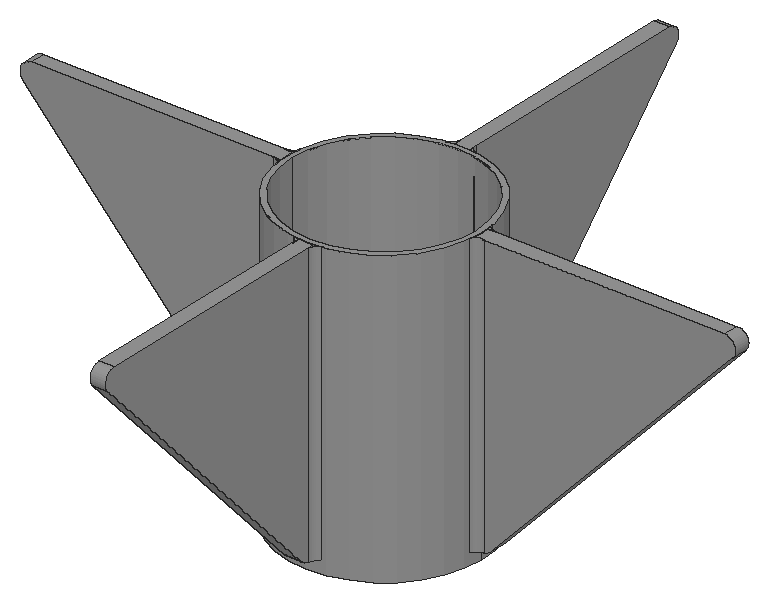
Revit family "SP4L6-312", category Site, Revit 2025
Family settings
  Round Connector Dimension = Use Diameter
  Part Type = Normal
  Work Plane-Based = No
  Always vertical = Yes
  Cut with Voids When Loaded = No
  Shared = No
Parameters (values of type "Postech-Vistech SP4L6-312")
  Dist Triangle Plate = 0' - 2"
  Dia int = 0' - 3 25/32"
  Dia ext = 0' - 4"
Reference planes (in)
  plane 1 "Center (Front/Back)": y = 0
  plane 2: z = 0
  plane 3 "Center (Left/Right)": x = 0
Forms (in)
  Extrusion 1, solid, material "Galvanized"
    sketch origin (0, 0, 0) x (1, 0, 0) y (0, 1, 0)
      loop
        circle (0, 0) r 2
      loop
        circle (0, 0) r 1.89063
    from 0 to 6
  Extrusion 2, solid, material "Galvanized"
    sketch origin (0, 0.56457, 0) x (0, 1, 0) y (0, 0, 1)
      loop
        line (1.43543, 6) -> (1.43543, 0.25) -> (1.52208, 0.25)
        arc (1.52208, 0.25) -> (1.67192, 0.28112) -> (1.79697, 0.36933) r 0.3763
        line (1.79697, 0.36933) -> (6.70212, 5.6167)
        arc (6.70212, 5.6167) -> (6.74466, 5.86293) -> (6.53573, 6) r 0.22776
        line (6.53573, 6) -> (1.43543, 6)
    from -0.15625 to 0.15625
  Extrusion 3, solid, material "Galvanized"
    sketch origin (0, -0.5625, 0) x (0, -1, 0) y (0, 0, -1)
      loop
        line (1.4375, -6) -> (6.53781, -6)
        arc (6.53781, -6) -> (6.74674, -5.86293) -> (6.7042, -5.6167) r 0.22776
        line (6.7042, -5.6167) -> (1.79905, -0.36933)
        arc (1.79905, -0.36933) -> (1.67399, -0.28112) -> (1.52415, -0.25) r 0.3763
        line (1.52415, -0.25) -> (1.4375, -0.25) -> (1.4375, -6)
    from -0.15625 to 0.15625
  Extrusion 4, solid, material "Galvanized"
    sketch origin (0.00309, -0.00132, 0) x (1, 0, 0) y (0, 0, 1)
      loop
        line (1.99691, 6) -> (1.99691, 0.25) -> (2.08356, 0.25)
        arc (2.08356, 0.25) -> (2.2334, 0.28112) -> (2.35845, 0.36933) r 0.3763
        line (2.35845, 0.36933) -> (7.2636, 5.6167)
        arc (7.2636, 5.6167) -> (7.30614, 5.86293) -> (7.09721, 6) r 0.22776
        line (7.09721, 6) -> (1.99691, 6)
    from -0.15625 to 0.15625
  Extrusion 5, solid, material "Galvanized"
    sketch origin (-0.5625, 0, 0) x (-1, 0, 0) y (0, 0, -1)
      loop
        line (1.4375, -6) -> (6.53781, -6)
        arc (6.53781, -6) -> (6.74674, -5.86293) -> (6.7042, -5.6167) r 0.22776
        line (6.7042, -5.6167) -> (1.79905, -0.36933)
        arc (1.79905, -0.36933) -> (1.67399, -0.28112) -> (1.52415, -0.25) r 0.3763
        line (1.52415, -0.25) -> (1.4375, -0.25) -> (1.4375, -6)
    from -0.15625 to 0.15625
  Sweep 6, solid, material "Galvanized"
    path in 3D
      loop
        line (2, -0.15757, 6) -> (2, -0.15757, 0.25)
    profile origin (2, -0.15757, 3.125) x (-1, 0, 0) y (0, -1, 0)
      loop
        arc (0.03416, 0.15396) -> (-0.0347, 0.04325) -> (-0.1577, 0) r 0.19653
        line (-0.1577, 0) -> (0, 0) -> (0.03416, 0.15396)
  Sweep 7, solid, material "Galvanized"
    path in 3D
      loop
        line (-2, -0.15625, 0.25) -> (-2, -0.15625, 6)
    profile origin (-2, -0.15625, 3.125) x (0, -1, 0) y (1, 0, 0)
      loop
        line (0.1547, 0.03288) -> (0, 0) -> (0, -0.15816)
        arc (0, -0.15816) -> (0.04353, -0.03525) -> (0.1547, 0.03288) r 0.19531
  Sweep 8, solid, material "Galvanized"
    path in 3D
      loop
        line (2, 0.15493, 0.25) -> (2, 0.15493, 6)
    profile origin (2, 0.15493, 3.125) x (0, 1, 0) y (-1, 0, 0)
      loop
        arc (0, -0.15368) -> (0.04182, -0.0329) -> (0.14936, 0.03615) r 0.19531
        line (0.14936, 0.03615) -> (0, 0) -> (0, -0.15368)
  Sweep 9, solid, material "Galvanized"
    path in 3D
      loop
        line (-2, 0.15625, 6) -> (-2, 0.15625, 0.25)
    profile origin (-2, 0.15625, 3.125) x (1, 0, 0) y (0, 1, 0)
      loop
        line (-0.15457, 0) -> (0, 0) -> (0.03552, 0.15043)
        arc (0.03552, 0.15043) -> (-0.03336, 0.04216) -> (-0.15457, 0) r 0.19531
  Sweep 10, solid, material "Galvanized"
    path in 3D
      loop
        line (-0.15625, 2, 0.25) -> (-0.15625, 2, 6)
    profile origin (-0.15625, 2, 3.125) x (0, 1, 0) y (-1, 0, 0)
      loop
        line (-0.03586, 0.14986) -> (0, 0) -> (0.15409, 0)
        arc (0.15409, 0) -> (0.03312, 0.04198) -> (-0.03586, 0.14986) r 0.19531
  Sweep 11, solid, material "Galvanized"
    path in 3D
      loop
        line (-0.15625, -2, 6) -> (-0.15625, -2, 0.25)
    profile origin (-0.15625, -2, 3.125) x (-1, 0, 0) y (0, -1, 0)
      loop
        line (0, 0.15536) -> (0, 0) -> (0.15138, -0.03495)
        arc (0.15138, -0.03495) -> (0.04246, 0.03377) -> (0, 0.15536) r 0.19531
  Sweep 12, solid, material "Galvanized"
    path in 3D
      loop
        line (0.15625, -2, 0.25) -> (0.15625, -2, 6)
    profile origin (0.15625, -2, 3.125) x (0, -1, 0) y (1, 0, 0)
      loop
        arc (0.1541, 0) -> (0.03312, 0.04198) -> (-0.03585, 0.14988) r 0.19531
        line (-0.03585, 0.14988) -> (0, 0) -> (0.1541, 0)
  Sweep 13, solid, material "Galvanized"
    path in 3D
      loop
        line (0.15625, 2, 6) -> (0.15625, 2, 0.25)
    profile origin (0.15625, 2, 3.125) x (1, 0, 0) y (0, 1, 0)
      loop
        arc (0.15138, -0.03495) -> (0.04246, 0.03377) -> (0, 0.15536) r 0.19531
        line (0, 0.15536) -> (0, 0) -> (0.15138, -0.03495)
Lines and regions (in)
  sketch lines
    curve 1: line (2, -0.15757, 6) -> (2, -0.15757, 0.25)
    curve 2: line (-2, -0.15625, 0.25) -> (-2, -0.15625, 6)
    curve 3: line (2, 0.15493, 0.25) -> (2, 0.15493, 6)
    curve 4: line (-2, 0.15625, 6) -> (-2, 0.15625, 0.25)
    curve 5: line (-0.15625, 2, 0.25) -> (-0.15625, 2, 6)
    curve 6: line (-0.15625, -2, 6) -> (-0.15625, -2, 0.25)
    curve 7: line (0.15625, -2, 0.25) -> (0.15625, -2, 6)
    curve 8: line (0.15625, 2, 6) -> (0.15625, 2, 0.25)
Dimensions and locks (in)
  Extrusion 2 sketch curve to Extrusion 2 sketch curve = 0' - 5 3/4"
  "Dist Triangle Plate": Extrusion 5 to plane 3 "Center (Left/Right)"
  "Dist Triangle Plate": plane 3 "Center (Left/Right)" to Extrusion 4
  "Dist Triangle Plate": plane 1 "Center (Front/Back)" to Extrusion 2
  "Dist Triangle Plate": Extrusion 3 to plane 1 "Center (Front/Back)"
  "Dia ext": diameter of Extrusion 1 sketch curve
  "Dia int": diameter of Extrusion 1 sketch curve
Automatic sketch dimensions
  plane 1 "Center (Front/Back)" to Extrusion 3 sketch curve = 0' - 2"
  Extrusion 3 sketch curve to Extrusion 3 sketch curve = 0' - 0.08665"
  level to Extrusion 3 sketch curve = 0' - 0.36933"
  Extrusion 3 sketch curve to Extrusion 3 sketch curve = 0' - 0.2749"
  Extrusion 3 sketch curve to Extrusion 3 sketch curve = 0' - 5.10031"
  Extrusion 3 sketch curve to Extrusion 3 sketch curve = 0' - 0.16639"
  Extrusion 3 sketch curve to Extrusion 3 sketch curve = 0' - 0.25697"
  level to Extrusion 3 sketch curve = 0' - 5.6167"
  Extrusion 3 sketch curve to Extrusion 3 sketch curve = 0' - 0.15554"
  plane 3 "Center (Left/Right)" to Extrusion 4 sketch curve = 0' - 2"
  Extrusion 4 sketch curve to Extrusion 4 sketch curve = 0' - 0.08665"
  level to Extrusion 4 sketch curve = 0' - 0.36933"
  Extrusion 4 sketch curve to Extrusion 4 sketch curve = 0' - 0.2749"
  Extrusion 4 sketch curve to Extrusion 4 sketch curve = 0' - 5.10031"
  Extrusion 4 sketch curve to Extrusion 4 sketch curve = 0' - 0.16639"
  level to Extrusion 4 sketch curve = 0' - 0 1/4"
  level to Extrusion 4 sketch curve = 0' - 5.6167"
  Extrusion 4 sketch curve to Extrusion 4 sketch curve = 0' - 0.15554"
  Extrusion 5 sketch curve to plane 3 "Center (Left/Right)" = 0' - 2"
  Extrusion 5 sketch curve to Extrusion 5 sketch curve = 0' - 0.08665"
  level to Extrusion 5 sketch curve = 0' - 0.36933"
  Extrusion 5 sketch curve to Extrusion 5 sketch curve = 0' - 0.2749"
  Extrusion 5 sketch curve to Extrusion 5 sketch curve = 0' - 5.10031"
  Extrusion 5 sketch curve to Extrusion 5 sketch curve = 0' - 0.16639"
  Extrusion 5 sketch curve to Extrusion 5 sketch curve = 0' - 0.25697"
  level to Extrusion 5 sketch curve = 0' - 5.6167"
  Extrusion 5 sketch curve to Extrusion 5 sketch curve = 0' - 0.15554"
  Extrusion 2 sketch curve to plane 1 "Center (Front/Back)" = 0' - 2"
  Extrusion 2 sketch curve to Extrusion 2 sketch curve = 0' - 0.08665"
  level to Extrusion 2 sketch curve = 0' - 0.36933"
  Extrusion 2 sketch curve to Extrusion 2 sketch curve = 0' - 0.2749"
  Extrusion 2 sketch curve to Extrusion 2 sketch curve = 0' - 5.10031"
  level to Extrusion 2 sketch curve = 0' - 5.6167"
  Extrusion 2 sketch curve to Extrusion 2 sketch curve = 0' - 0.16639"
  level to Extrusion 2 sketch curve = 0' - 0 1/4"
  Sweep 6 sketch curve to profile plane = 0' - 0"  (x2)
  Sweep 6 sketch curve to profile plane = 0' - 0.1577"
  Sweep 6 sketch curve to profile plane = 0' - 0.19653"
  profile plane to Sweep 6 sketch curve = 0' - 0.03416"
  Sweep 7 sketch curve to profile plane = 0' - 0"  (x2)
  profile plane to Sweep 7 sketch curve = 0' - 0.03288"
  Sweep 7 sketch curve to profile plane = 0' - 0.1547"
  Sweep 7 sketch curve to profile plane = 0' - 0.15816"
  profile plane to Sweep 8 sketch curve = 0' - 0"
  Sweep 8 sketch curve to profile plane = 0' - 0"
  Sweep 8 sketch curve to profile plane = 0' - 0 25/128"
  Sweep 8 sketch curve to profile plane = 0' - 0.15368"
  profile plane to Sweep 8 sketch curve = 0' - 0.03615"
  profile plane to Sweep 9 sketch curve = 0' - 0"
  Sweep 9 sketch curve to profile plane = 0' - 0"
  Sweep 9 sketch curve to profile plane = 0' - 0.15457"
  profile plane to Sweep 9 sketch curve = 0' - 0.03552"
  Sweep 9 sketch curve to profile plane = 0' - 0.15043"
  profile plane to Sweep 10 sketch curve = 0' - 0"
  Sweep 10 sketch curve to profile plane = 0' - 0"
  Sweep 10 sketch curve to profile plane = 0' - 0.15409"
  Sweep 10 sketch curve to Sweep 10 sketch curve = 0' - 0 25/128"
  profile plane to Sweep 10 sketch curve = 0' - 0.03586"
  Sweep 11 sketch curve to profile plane = 0' - 0"  (x2)
  Sweep 11 sketch curve to Sweep 11 sketch curve = 0' - 0 25/128"
  Sweep 11 sketch curve to profile plane = 0' - 0.15536"
  profile plane to Sweep 11 sketch curve = 0' - 0.03495"
  Sweep 12 sketch curve to profile plane = 0' - 0"  (x2)
  Sweep 12 sketch curve to profile plane = 0' - 0.1541"
  Sweep 12 sketch curve to Sweep 12 sketch curve = 0' - 0 25/128"
  profile plane to Sweep 12 sketch curve = 0' - 0.03585"
  profile plane to Sweep 13 sketch curve = 0' - 0"
  Sweep 13 sketch curve to profile plane = 0' - 0"
  Sweep 13 sketch curve to Sweep 13 sketch curve = 0' - 0 25/128"
  Sweep 13 sketch curve to profile plane = 0' - 0.15536"
  profile plane to Sweep 13 sketch curve = 0' - 0.03495"
  Extrusion 1 sketch curve to Extrusion 1 sketch curve = 0' - 0"  (x2)
  plane 1 "Center (Front/Back)" to Extrusion 1 sketch curve = 0' - 0"
  Extrusion 1 sketch curve to plane 3 "Center (Left/Right)" = 0' - 0"
